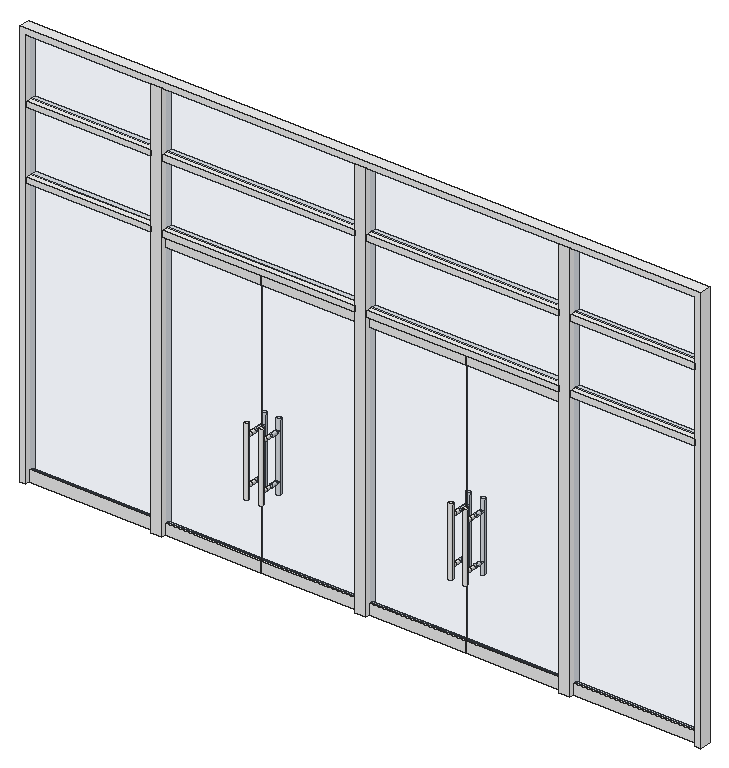
Revit family
Parameters
  프레임 투영 외부. = 25 mm
  프레임 투영 내부. = 25 mm
  프레임 폭 = 75 mm
  Height = 3600 mm
  Wall Closure = (empty or 0)
  Width = 6000 mm
  문 폭 = 1800 mm
  문 두께 = 100 mm
  문 패널 = SSD8 문 패널
  문 높이 = 2400 mm
  문 핸들 = 금속 - 크롬(2)
  문 프레임 = SSD8 문 프레임
Reference planes
  plane 1: y = 0
  plane 2 "왼쪽": x = -4300
  plane 3 "오른쪽": x = 1700
  plane 4: z = 3600
  plane 5 "외부": y = 75
  plane 6 "내부": y = -75
  plane 7: x = -4250
  plane 8: x = 1650
  plane 9: y = 50
  plane 10: y = -50
  plane 11: z = 3550
  plane 12: z = 2375
  plane 13: z = 2425
  plane 14: z = 2275
  plane 15: z = 100
  plane 16: y = 6
  plane 17: y = -6
  plane 18: y = 16
  plane 19: y = -16
  plane 20: x = -1300
  plane 21: z = 600
  plane 22: z = 1200
  plane 23: z = 2400
  plane 24: z = 3000
  plane 25: z = 2975
  plane 26: z = 3025
  plane 27: x = -3100
  plane 28: x = 500
  plane 29: x = -3150
  plane 30: x = -3050
  plane 31: x = -1350
  plane 32: x = -1250
  plane 33: x = 550
  plane 34: x = 450
  plane 35: x = -2200
  plane 36: x = -400
  plane 37: x = -2265
  plane 38: x = -2135
  plane 39: x = -465
  plane 40: x = -335
Forms (mm)
  Sweep 1, solid, material "SSD8 문 프레임" <- "문 프레임"
    path origin (0, 75, 0) x (1, 0, 0) y (0, 0, 1)
      loop
        line (1700, 0) -> (1700, 3600) -> (-4300, 3600) -> (-4300, 0)
    profile origin (1700, 75, 1800) x (-1, 0, 0) y (0, -1, 0)
      loop
        line (50, 25) -> (50, 125) -> (0, 125) -> (0, 25) -> (50, 25)
  Extrusion 2, solid, material "SSD8 문 프레임" <- "문 프레임"
    sketch origin (-25, 0, 0) x (1, 0, 0) y (0, 1, 0)
      loop
        line (-3125, 50) -> (-3125, -50) -> (-3025, -50) -> (-3025, 50) -> (-3125, 50)
      loop
        line (475, 50) -> (475, -50) -> (575, -50) -> (575, 50) -> (475, 50)
      loop
        line (-1325, 50) -> (-1325, -50) -> (-1225, -50) -> (-1225, 50) -> (-1325, 50)
    from 0 to 3550
  Extrusion 3, solid, material "SSD8 문 패널" <- "문 패널"
    sketch origin (0, 0, 0) x (1, 0, 0) y (0, 1, 0)
      loop
        line (-4250, 6) -> (-4250, -6) -> (-3150, -6) -> (-3150, 6) -> (-4250, 6)
      loop
        line (550, 6) -> (550, -6) -> (1650, -6) -> (1650, 6) -> (550, 6)
    from 0 to 2375
  Extrusion 4, solid, material "SSD8 문 패널" <- "문 패널"
    sketch origin (900, 0, 0) x (1, 0, 0) y (0, 1, 0)
      loop
        line (-3100, 6) -> (-3100, -6) -> (-2200, -6) -> (-2200, 6) -> (-3100, 6)
    from 0 to 2375
  Extrusion 5, solid, material "SSD8 문 패널" <- "문 패널"
    sketch origin (900, 0, 0) x (1, 0, 0) y (0, 1, 0)
      loop
        line (-2200, 6) -> (-2200, -6) -> (-1300, -6) -> (-1300, 6) -> (-2200, 6)
    from 0 to 2375
  Extrusion 6, solid, material "SSD8 문 프레임" <- "문 프레임"
    sketch origin (0, 0, 0) x (1, 0, 0) y (0, 1, 0)
      loop
        line (-4250, 6) -> (-3150, 6) -> (-3150, 16) -> (-4250, 16) -> (-4250, 6)
      loop
        line (-4250, -16) -> (-3150, -16) -> (-3150, -6) -> (-4250, -6) -> (-4250, -16)
      loop
        line (550, 6) -> (1650, 6) -> (1650, 16) -> (550, 16) -> (550, 6)
      loop
        line (550, -16) -> (1650, -16) -> (1650, -6) -> (550, -6) -> (550, -16)
    from 0 to 100
  Extrusion 7, solid, material "SSD8 문 프레임" <- "문 프레임"
    sketch origin (900, 0, 0) x (1, 0, 0) y (0, 1, 0)
      loop
        line (-3100, -16) -> (-2200, -16) -> (-2200, -6) -> (-3100, -6) -> (-3100, -16)
      loop
        line (-3100, 6) -> (-2200, 6) -> (-2200, 16) -> (-3100, 16) -> (-3100, 6)
    from 0 to 100
  Extrusion 8, solid, material "SSD8 문 프레임" <- "문 프레임"
    sketch origin (900, 0, 0) x (1, 0, 0) y (0, 1, 0)
      loop
        line (-2200, -16) -> (-1300, -16) -> (-1300, -6) -> (-2200, -6) -> (-2200, -16)
      loop
        line (-2200, 6) -> (-1300, 6) -> (-1300, 16) -> (-2200, 16) -> (-2200, 6)
    from 0 to 100
  Extrusion 9, solid, material "SSD8 문 프레임" <- "문 프레임"
    sketch origin (-2581.693, 300, 2275) x (0, 1, 0) y (1, 0, 0)
      loop
        line (-294, 381.693) -> (-284, 381.693) -> (-284, 1281.693) -> (-294, 1281.693) -> (-294, 381.693)
      loop
        line (-316, 381.693) -> (-306, 381.693) -> (-306, 1281.693) -> (-316, 1281.693) -> (-316, 381.693)
    from 0 to -100
  Extrusion 10, solid, material "SSD8 문 프레임" <- "문 프레임"
    sketch origin (-2581.693, 300, 2275) x (0, 1, 0) y (1, 0, 0)
      loop
        line (-294, 1331.693) -> (-284, 1331.693) -> (-284, 2181.693) -> (-294, 2181.693) -> (-294, 1331.693)
      loop
        line (-316, 1331.693) -> (-306, 1331.693) -> (-306, 2181.693) -> (-316, 2181.693) -> (-316, 1331.693)
    from 0 to -100
  Extrusion 11, solid, material "SSD8 문 패널" <- "문 패널"
    sketch origin (-2581.693, 300, 2375) x (0, 1, 0) y (1, 0, 0)
      loop
        line (-294, -1668.307) -> (-294, -568.307) -> (-306, -568.307) -> (-306, -1668.307) -> (-294, -1668.307)
      loop
        line (-306, 4281.693) -> (-306, 3131.693) -> (-294, 3131.693) -> (-294, 4281.693) -> (-306, 4281.693)
      loop
        line (-306, -468.307) -> (-294, -468.307) -> (-294, 1231.693) -> (-306, 1231.693) -> (-306, -468.307)
      loop
        line (-306, 1331.693) -> (-294, 1331.693) -> (-294, 3031.693) -> (-306, 3031.693) -> (-306, 1331.693)
    from -50 to -600
  Extrusion 12, solid, material "SSD8 문 패널" <- "문 패널"
    sketch origin (-2581.693, 300, 2375) x (0, 1, 0) y (1, 0, 0)
      loop
        line (-294, -1668.307) -> (-294, -568.307) -> (-306, -568.307) -> (-306, -1668.307) -> (-294, -1668.307)
      loop
        line (-306, 4231.693) -> (-306, 3131.693) -> (-294, 3131.693) -> (-294, 4231.693) -> (-306, 4231.693)
      loop
        line (-306, -468.307) -> (-294, -468.307) -> (-294, 1231.693) -> (-306, 1231.693) -> (-306, -468.307)
      loop
        line (-306, 1331.693) -> (-294, 1331.693) -> (-294, 3031.693) -> (-306, 3031.693) -> (-306, 1331.693)
    from -650 to -1175
  Extrusion 13, solid, material "SSD8 문 프레임" <- "문 프레임"
    sketch origin (-2581.693, 300, 2375) x (0, 1, 0) y (1, 0, 0)
      loop
        line (-250, -1668.307) -> (-250, -568.307) -> (-350, -568.307) -> (-350, -1668.307) -> (-250, -1668.307)
      loop
        line (-350, 4231.693) -> (-350, 3131.693) -> (-250, 3131.693) -> (-250, 4231.693) -> (-350, 4231.693)
      loop
        line (-250, -468.307) -> (-250, 1231.693) -> (-350, 1231.693) -> (-350, -468.307) -> (-250, -468.307)
      loop
        line (-350, 1331.693) -> (-250, 1331.693) -> (-250, 3031.693) -> (-350, 3031.693) -> (-350, 1331.693)
    from 0 to -50
  Extrusion 14, solid, material "SSD8 문 프레임" <- "문 프레임"
    sketch origin (-2581.693, 300, 3000) x (0, 1, 0) y (1, 0, 0)
      loop
        line (-250, -1668.307) -> (-250, -568.307) -> (-350, -568.307) -> (-350, -1668.307) -> (-250, -1668.307)
      loop
        line (-350, 4231.693) -> (-350, 3131.693) -> (-250, 3131.693) -> (-250, 4231.693) -> (-350, 4231.693)
      loop
        line (-250, -468.307) -> (-250, 1231.693) -> (-350, 1231.693) -> (-350, -468.307) -> (-250, -468.307)
      loop
        line (-350, 1331.693) -> (-250, 1331.693) -> (-250, 3031.693) -> (-350, 3031.693) -> (-350, 1331.693)
    from -25 to 25
  Extrusion 15, solid, material "SSD8 문 프레임" <- "문 프레임"
    sketch origin (-2581.693, 300, 3000) x (0, 1, 0) y (1, 0, 0)
      loop
        line (-294, -468.307) -> (-284, -468.307) -> (-284, 381.693) -> (-294, 381.693) -> (-294, -468.307)
      loop
        line (-316, -468.307) -> (-306, -468.307) -> (-306, 381.693) -> (-316, 381.693) -> (-316, -468.307)
    from 2900 to 3000
  Extrusion 16, solid, material "SSD8 문 패널" <- "문 패널"
    sketch origin (-2581.693, 300, 3000) x (0, 1, 0) y (1, 0, 0)
      loop
        line (-306, -468.307) -> (-294, -468.307) -> (-294, 381.693) -> (-306, 381.693) -> (-306, -468.307)
    from 625 to 3000
  Extrusion 17, solid, material "SSD8 문 프레임" <- "문 프레임"
    sketch origin (-2581.693, 300, 3000) x (0, 1, 0) y (1, 0, 0)
      loop
        line (-294, 2181.693) -> (-284, 2181.693) -> (-284, 3031.693) -> (-294, 3031.693) -> (-294, 2181.693)
      loop
        line (-316, 2181.693) -> (-306, 2181.693) -> (-306, 3031.693) -> (-316, 3031.693) -> (-316, 2181.693)
    from 2900 to 3000
  Extrusion 18, solid, material "SSD8 문 패널" <- "문 패널"
    sketch origin (-2581.693, 300, 3000) x (0, 1, 0) y (1, 0, 0)
      loop
        line (-306, 2181.693) -> (-294, 2181.693) -> (-294, 3031.693) -> (-306, 3031.693) -> (-306, 2181.693)
    from 625 to 3000
  Extrusion 19, solid, material "SSD8 문 프레임" <- "문 프레임"
    sketch origin (-2581.693, 300, 3000) x (0, 1, 0) y (1, 0, 0)
      loop
        line (-284, -468.307) -> (-284, 381.693) -> (-294, 381.693) -> (-294, -468.307) -> (-284, -468.307)
      loop
        line (-316, -468.307) -> (-306, -468.307) -> (-306, 381.693) -> (-316, 381.693) -> (-316, -468.307)
    from 625 to 725
  Extrusion 20, solid, material "SSD8 문 프레임" <- "문 프레임"
    sketch origin (-2581.693, 300, 3000) x (0, 1, 0) y (1, 0, 0)
      loop
        line (-284, 2181.693) -> (-284, 3031.693) -> (-294, 3031.693) -> (-294, 2181.693) -> (-284, 2181.693)
      loop
        line (-316, 2181.693) -> (-306, 2181.693) -> (-306, 3031.693) -> (-316, 3031.693) -> (-316, 2181.693)
    from 625 to 725
Lines and regions (mm)
  Opening 1
    outline origin (-3050, -75, 0) x (1, 0, 0) y (0, 0, 1)
      loop
        line (-1250, 0) -> (4750, 0) -> (4750, 3600) -> (-1250, 3600) -> (-1250, 0)
  symbolic lines, style "평면 스윙"
    curve 1: line (-3050, 0, 3000) -> (-3050, 850, 3000)
    curve 2: line (-3050, 850, 3000) -> (-3018, 850, 3000)
    curve 3: line (-3018, 850, 3000) -> (-3018, 0, 3000)
    curve 4: line (-3050, 0, 3000) -> (-3050, -850, 3000)
    curve 5: line (-3050, -850, 3000) -> (-3018, -850, 3000)
    curve 6: line (-3018, -850, 3000) -> (-3018, 0, 3000)
    curve 7: line (-1350, 0, 3000) -> (-1350, 850, 3000)
    curve 8: line (-1350, 850, 3000) -> (-1382, 850, 3000)
    curve 9: line (-1382, 850, 3000) -> (-1382, 0, 3000)
    curve 10: line (-1350, 0, 3000) -> (-1350, -850, 3000)
    curve 11: line (-1350, -850, 3000) -> (-1382, -850, 3000)
    curve 12: line (-1382, -850, 3000) -> (-1382, 0, 3000)
    curve 13: line (-1250, 0, 3000) -> (-1250, 850, 3000)
    curve 14: line (-1250, 850, 3000) -> (-1218, 850, 3000)
    curve 15: line (-1218, 850, 3000) -> (-1218, 0, 3000)
    curve 16: line (-1250, 0, 3000) -> (-1250, -850, 3000)
    curve 17: line (-1250, -850, 3000) -> (-1218, -850, 3000)
    curve 18: line (-1218, -850, 3000) -> (-1218, 0, 3000)
    curve 19: line (450, 0, 3000) -> (450, 850, 3000)
    curve 20: line (450, 850, 3000) -> (418, 850, 3000)
    curve 21: line (418, 850, 3000) -> (418, 0, 3000)
    curve 22: line (450, 0, 3000) -> (450, -850, 3000)
    curve 23: line (450, -850, 3000) -> (418, -850, 3000)
    curve 24: line (418, -850, 3000) -> (418, 0, 3000)
    curve 25: arc (-3018, 850, 3000) -> (-2437.541, 590.004, 3000) -> (-2200, 0, 3000) r 850
    curve 26: arc (-3018, -850, 3000) -> (-2437.541, -590.004, 3000) -> (-2200, 0, 3000) r 850
    curve 27: arc (-1382, -850, 3000) -> (-1962.459, -590.004, 3000) -> (-2200, 0, 3000) r 850
    curve 28: arc (-1382, 850, 3000) -> (-1962.459, 590.004, 3000) -> (-2200, 0, 3000) r 850
    curve 29: arc (-1218, -850, 3000) -> (-637.541, -590.004, 3000) -> (-400, 0, 3000) r 850
    curve 30: arc (-1218, 850, 3000) -> (-637.541, 590.004, 3000) -> (-400, 0, 3000) r 850
    curve 31: arc (418, -850, 3000) -> (-162.459, -590.004, 3000) -> (-400, 0, 3000) r 850
    curve 32: arc (418, 850, 3000) -> (-162.459, 590.004, 3000) -> (-400, 0, 3000) r 850
    curve 41: line (-3050, 50, 3000) -> (-4300, 50, 3000)
    curve 42: line (-4300, 50, 3000) -> (-4300, -50, 3000)
    curve 43: line (-4300, -50, 3000) -> (-3050, -50, 3000)
    curve 44: line (-3050, 0, 3000) -> (-4300, 0, 3000)
    curve 45: line (450, 50, 3000) -> (1700, 50, 3000)
    curve 46: line (1700, 50, 3000) -> (1700, -50, 3000)
    curve 47: line (1700, -50, 3000) -> (450, -50, 3000)
    curve 48: line (1700, 0, 3000) -> (450, 0, 3000)
    curve 49: line (-1350, 50, 3000) -> (-1250, 50, 3000)
    curve 50: line (-1350, -50, 3000) -> (-1250, -50, 3000)
  symbolic lines, style "입면도 스윙"
    curve 33: line (-400, -6, 2375) -> (450, -6, 1200)
    curve 34: line (450, -6, 1200) -> (-400, -6, 0)
    curve 35: line (-400, -6, 0) -> (-1250, -6, 1200)
    curve 36: line (-1250, -6, 1200) -> (-400, -6, 2375)
    curve 37: line (-2200, -6, 2375) -> (-1350, -6, 1200)
    curve 38: line (-1350, -6, 1200) -> (-2200, -6, 0)
    curve 39: line (-2200, -6, 0) -> (-3050, -6, 1200)
    curve 40: line (-3050, -6, 1200) -> (-2200, -6, 2375)
Text (mm)
  text "외부" at (-2295.016, 1099.543, 0), in view "참조 레벨"
  text "외부" at (0, 1615.38, 3698.081), in view "왼쪽"
  text "외부" at (0, 1036.032, 3874.932), in view "오른쪽"
Dimensions and locks
  plane 2 "왼쪽" to plane 3 "오른쪽" = 6000 mm
  "Width": plane 2 "왼쪽" to plane 3 "오른쪽"
  "Height": plane 4 to host wall
  "문 높이": host wall to plane 23
  host wall to plane 4 = 3600 mm
  locked: plane 5 "외부" to host wall at 0
  locked: plane 6 "내부" to host wall
  locked: plane 2 "왼쪽" to plane 7 at 50
  locked: plane 8 to plane 3 "오른쪽" at 50
  "문 두께": plane 9 to plane 10
  locked: plane 11 to plane 4 at 50
  locked: plane 12 to plane 13 at 50
  locked: plane 14 to plane 12 at 100
  locked: level to plane 15 at 100
  plane 16 to host wall to plane 17 = 6 mm locked, 6 mm locked
  locked: plane 17 to plane 19 at 10
  locked: plane 18 to plane 16 at 10
  locked: Extrusion 6 to plane 21 at 600
  locked: level to plane 22 at 1200
  equal spacing: plane 2 "왼쪽", plane 20, plane 3 "오른쪽"
  locked: plane 12 to plane 23 at 25
  equal spacing: plane 23, plane 24, plane 4
  plane 25 to plane 24 to plane 26 = 25 mm locked, 25 mm locked
  plane 2 "왼쪽" to plane 27 = 1200 mm
  "문 폭": plane 27 to plane 20
  "문 폭": plane 20 to plane 28
  plane 28 to plane 3 "오른쪽" = 1200 mm
  equal spacing: plane 27, plane 35, plane 20
  equal spacing: plane 20, plane 36, plane 28
  plane 37 to plane 35 to plane 38 = 65 mm locked, 65 mm locked
  plane 39 to plane 36 to plane 40 = 65 mm locked, 65 mm locked
  plane 29 to plane 27 to plane 30 = 50 mm locked, 50 mm locked
  plane 31 to plane 20 to plane 32 = 50 mm locked, 50 mm locked
  plane 34 to plane 28 to plane 33 = 50 mm locked, 50 mm locked
  curve 4 to curve 6 = 32 mm
  curve 12 to curve 10 = 32 mm
  curve 16 to curve 18 = 32 mm
  curve 24 to curve 22 = 32 mm
  equal spacing: plane 9, plane 1, plane 10
  aligned and locked: plane 2 "왼쪽" to Opening 1 sketch curve
  aligned and locked: plane 4 to Opening 1 sketch curve
  aligned and locked: Opening 1 sketch curve to plane 4
  aligned and locked: Opening 1 sketch curve to plane 3 "오른쪽"
  aligned and locked: Opening 1 sketch curve to level
  aligned and locked: host wall to plane 1
  aligned and locked: Sweep 1 sketch curve to plane 2 "왼쪽"
  aligned and locked: plane 4 to Sweep 1 sketch curve
  aligned and locked: plane 3 "오른쪽" to Sweep 1 sketch curve
  aligned and locked: plane 8 to Sweep 1 sketch curve
  aligned and locked: host wall to Sweep 1 sketch curve
  aligned and locked: Sweep 1 sketch curve to plane 9
  aligned and locked: plane 10 to Sweep 1 sketch curve
  aligned and locked: Extrusion 2 sketch curve to plane 9  (x3)
  aligned and locked: plane 10 to Extrusion 2 sketch curve  (x3)
  aligned and locked: plane 11 to Sweep 1
  aligned and locked: plane 7 to Extrusion 3 sketch curve
  aligned and locked: Extrusion 3 sketch curve to plane 16  (x2)
  aligned and locked: plane 17 to Extrusion 3 sketch curve  (x2)
  aligned and locked: plane 8 to Extrusion 3 sketch curve
  aligned and locked: Extrusion 4 sketch curve to plane 16
  aligned and locked: plane 17 to Extrusion 4 sketch curve
  aligned and locked: plane 20 to Extrusion 4 sketch curve
  aligned and locked: Extrusion 4 to Extrusion 5 sketch curve
  aligned and locked: Extrusion 5 sketch curve to Extrusion 4
  aligned and locked: plane 17 to Extrusion 5 sketch curve
  aligned and locked: Extrusion 6 sketch curve to Extrusion 3  (x4)
  aligned and locked: plane 18 to Extrusion 6 sketch curve  (x2)
  aligned and locked: plane 7 to Extrusion 6 sketch curve
  aligned and locked: Extrusion 6 sketch curve to plane 19
  aligned and locked: Extrusion 3 to Extrusion 6 sketch curve  (x2)
  aligned and locked: Extrusion 6 sketch curve to plane 8
  aligned and locked: Extrusion 3 to plane 12
  aligned and locked: Extrusion 6 to plane 15
  aligned and locked: Extrusion 5 to plane 12
  aligned and locked: Extrusion 4 to plane 12
  aligned and locked: Extrusion 7 sketch curve to plane 19
  aligned and locked: Extrusion 4 to Extrusion 7 sketch curve
  aligned and locked: Extrusion 7 sketch curve to Extrusion 4  (x2)
  aligned and locked: plane 18 to Extrusion 7 sketch curve
  aligned and locked: Extrusion 7 sketch curve to plane 20
  aligned and locked: Extrusion 8 sketch curve to Extrusion 7
  aligned and locked: Extrusion 7 to Extrusion 8 sketch curve
  aligned and locked: Extrusion 5 to Extrusion 8 sketch curve
  aligned and locked: Extrusion 4 to Extrusion 8 sketch curve
  aligned and locked: Extrusion 8 sketch curve to Extrusion 5
  aligned and locked: plane 18 to Extrusion 8 sketch curve
  aligned and locked: plane 15 to Extrusion 8
  aligned and locked: plane 15 to Extrusion 7
  aligned and locked: Extrusion 9 sketch curve to Extrusion 4  (x2)
  aligned and locked: Extrusion 9 sketch curve to Extrusion 7  (x3)
  aligned and locked: Extrusion 7 to Extrusion 9 sketch curve
  aligned and locked: Extrusion 5 to Extrusion 9 sketch curve
  aligned and locked: Extrusion 4 to Extrusion 10 sketch curve
  aligned and locked: Extrusion 10 sketch curve to Extrusion 8
  aligned and locked: Extrusion 7 to Extrusion 10 sketch curve
  aligned and locked: Extrusion 5 to Extrusion 10 sketch curve
  aligned and locked: Extrusion 10 to plane 12
  aligned and locked: Extrusion 9 to plane 12
  aligned and locked: Extrusion 3 to Extrusion 11 sketch curve
  aligned and locked: Extrusion 11 sketch curve to Extrusion 3  (x4)
  aligned and locked: Extrusion 12 sketch curve to Extrusion 4
  aligned and locked: Extrusion 12 sketch curve to Extrusion 3  (x3)
  aligned and locked: plane 13 to Extrusion 11
  aligned and locked: Extrusion 12 to Sweep 1
  aligned and locked: Extrusion 13 to plane 13
  aligned and locked: plane 26 to Extrusion 12
  aligned and locked: plane 3 "오른쪽" to Extrusion 11 sketch curve
  aligned and locked: plane 8 to Extrusion 12 sketch curve
  aligned and locked: Extrusion 14 sketch curve to Sweep 1  (x2)
  aligned and locked: Extrusion 14 sketch curve to plane 9
  aligned and locked: plane 10 to Extrusion 14 sketch curve
  aligned and locked: Extrusion 14 to Extrusion 12
  aligned and locked: Extrusion 14 to Extrusion 11
  aligned and locked: Extrusion 13 sketch curve to Sweep 1
  aligned and locked: plane 8 to Extrusion 13 sketch curve
  aligned and locked: Extrusion 2 sketch curve to plane 29
  aligned and locked: plane 30 to Extrusion 2 sketch curve
  aligned and locked: plane 33 to Extrusion 2 sketch curve
  aligned and locked: Extrusion 2 sketch curve to plane 34
  aligned and locked: plane 31 to Extrusion 2 sketch curve
  aligned and locked: plane 32 to Extrusion 2 sketch curve
  aligned and locked: plane 29 to Extrusion 3 sketch curve
  aligned and locked: Extrusion 3 sketch curve to plane 33
  aligned and locked: plane 33 to Extrusion 6 sketch curve
  aligned and locked: Extrusion 6 sketch curve to Extrusion 6 sketch curve
  aligned and locked: Extrusion 13 sketch curve to Extrusion 2  (x6)
  aligned and locked: Extrusion 13 sketch curve to Extrusion 13 sketch curve
  aligned and locked: Extrusion 2 to Sweep 1
  aligned and locked: Extrusion 14 sketch curve to Extrusion 2  (x6)
  aligned and locked: Extrusion 14 sketch curve to Extrusion 14 sketch curve  (x2)
  aligned and locked: plane 30 to Extrusion 11 sketch curve
  aligned and locked: plane 31 to Extrusion 11 sketch curve
  aligned and locked: Extrusion 11 sketch curve to Extrusion 2
  aligned and locked: Extrusion 11 sketch curve to Extrusion 11 sketch curve
  aligned and locked: Extrusion 12 sketch curve to plane 7
  aligned and locked: plane 30 to Extrusion 12 sketch curve
  aligned and locked: plane 31 to Extrusion 12 sketch curve
  aligned and locked: plane 32 to Extrusion 12 sketch curve
  aligned and locked: Extrusion 12 sketch curve to Extrusion 12 sketch curve
  aligned and locked: Extrusion 4 sketch curve to plane 35
  aligned and locked: Extrusion 8 sketch curve to plane 36
  aligned and locked: Extrusion 8 sketch curve to Extrusion 8 sketch curve
  aligned and locked: plane 17 to Extrusion 11 sketch curve
  aligned and locked: plane 34 to Extrusion 11 sketch curve
  aligned and locked: plane 17 to Extrusion 12 sketch curve
  aligned and locked: Extrusion 10 sketch curve to plane 36  (x2)
  aligned and locked: plane 32 to Extrusion 10 sketch curve  (x2)
  aligned and locked: plane 30 to Extrusion 15 sketch curve  (x2)
  aligned and locked: plane 16 to Extrusion 15 sketch curve
  aligned and locked: Extrusion 7 to Extrusion 15 sketch curve
  aligned and locked: Extrusion 15 sketch curve to Extrusion 7
  aligned and locked: plane 19 to Extrusion 15 sketch curve
  aligned and locked: Extrusion 4 to Extrusion 15 sketch curve
  aligned and locked: Extrusion 15 sketch curve to Extrusion 4
  aligned and locked: plane 17 to Extrusion 16 sketch curve
  aligned and locked: plane 16 to Extrusion 16 sketch curve
  aligned and locked: Extrusion 16 sketch curve to Extrusion 2
  aligned and locked: Extrusion 16 sketch curve to plane 35
  aligned and locked: Extrusion 15 to level
  aligned and locked: plane 15 to Extrusion 15
  aligned and locked: Extrusion 16 to level
  aligned and locked: Extrusion 16 to plane 12
  aligned and locked: Extrusion 17 sketch curve to Extrusion 5
  aligned and locked: Extrusion 5 to Extrusion 17 sketch curve
  aligned and locked: plane 18 to Extrusion 17 sketch curve
  aligned and locked: plane 34 to Extrusion 17 sketch curve  (x2)
  aligned and locked: Extrusion 17 sketch curve to Extrusion 8
  aligned and locked: Extrusion 8 to Extrusion 17 sketch curve
  aligned and locked: plane 17 to Extrusion 17 sketch curve
  aligned and locked: Extrusion 5 to Extrusion 18 sketch curve
  aligned and locked: Extrusion 18 sketch curve to Extrusion 5
  aligned and locked: plane 16 to Extrusion 18 sketch curve
  aligned and locked: plane 34 to Extrusion 18 sketch curve
  aligned and locked: Extrusion 17 to level
  aligned and locked: plane 15 to Extrusion 17
  aligned and locked: Extrusion 18 to level
  aligned and locked: Extrusion 18 to plane 12
  aligned and locked: Extrusion 19 sketch curve to Extrusion 15  (x3)
  aligned and locked: Extrusion 19 sketch curve to Extrusion 16
  aligned and locked: Extrusion 15 to Extrusion 19 sketch curve
  aligned and locked: Extrusion 4 to Extrusion 19 sketch curve
  aligned and locked: Extrusion 19 sketch curve to Extrusion 4
  aligned and locked: Extrusion 8 to Extrusion 20 sketch curve  (x3)
  aligned and locked: Extrusion 17 to Extrusion 20 sketch curve
  aligned and locked: Extrusion 20 sketch curve to Extrusion 18  (x2)
  aligned and locked: Extrusion 20 sketch curve to Extrusion 8
  aligned and locked: Extrusion 20 sketch curve to Extrusion 17
  aligned and locked: plane 14 to Extrusion 20
  aligned and locked: Extrusion 20 to plane 12
  aligned and locked: plane 14 to Extrusion 19
  aligned and locked: Extrusion 19 to plane 12
  aligned and locked: plane 21 to nested 8
  aligned and locked: plane 21 to nested 7
  aligned and locked: plane 21 to nested 6
  aligned and locked: plane 21 to nested 5
  aligned and locked: nested 1 to plane 21
  aligned and locked: nested 2 to plane 21
  aligned and locked: nested 4 to plane 21
  aligned and locked: nested 3 to plane 21
  aligned and locked: plane 37 to nested 5
  aligned and locked: nested 1 to plane 37
  aligned and locked: plane 38 to nested 6
  aligned and locked: nested 2 to plane 38
  aligned and locked: plane 39 to nested 7
  aligned and locked: nested 3 to plane 39
  aligned and locked: plane 40 to nested 8
  aligned and locked: nested 4 to plane 40
  aligned and locked: plane 22 to curve 39
  aligned and locked: plane 30 to curve 40
  aligned and locked: Extrusion 2 to plane 30
  aligned and locked: plane 35 to curve 40
  aligned and locked: plane 35 to curve 38
  aligned and locked: curve 38 to Extrusion 2
  aligned and locked: plane 22 to curve 37
  aligned and locked: plane 22 to curve 36
  aligned and locked: plane 32 to curve 36
  aligned and locked: plane 22 to curve 33
  aligned and locked: plane 34 to curve 34
  aligned and locked: plane 36 to curve 36
  aligned and locked: plane 36 to curve 35
  aligned and locked: plane 36 to Extrusion 17
  aligned and locked: plane 9 to curve 41
  aligned and locked: plane 2 "왼쪽" to Sweep 1
  aligned and locked: curve 43 to plane 10
  aligned and locked: curve 44 to host wall
  aligned and locked: plane 30 to curve 44
  aligned and locked: plane 2 "왼쪽" to curve 44
  aligned and locked: curve 45 to plane 9
  aligned and locked: Sweep 1 to plane 3 "오른쪽"
  aligned and locked: plane 10 to curve 47
  aligned and locked: curve 48 to host wall
  aligned and locked: plane 34 to curve 48
  aligned and locked: plane 3 "오른쪽" to curve 48
  aligned and locked: curve 7 to curve 49
  aligned and locked: curve 49 to Extrusion 2
  aligned and locked: curve 13 to curve 49
  aligned and locked: curve 10 to curve 50
  aligned and locked: curve 50 to Extrusion 2
  aligned and locked: plane 25 to Extrusion 14
Automatic sketch dimensions
  Sweep 1 sketch curve to level = 0 mm  (x2)
  Extrusion 7 sketch curve to Extrusion 7 sketch curve = 0 mm
  Extrusion 6 sketch curve to plane 29 = 0 mm  (x2)
  Extrusion 6 sketch curve to plane 19 = 0 mm
  Extrusion 6 sketch curve to plane 18 = 0 mm
  Extrusion 13 sketch curve to plane 10 = 0 mm  (x3)
  Extrusion 13 sketch curve to plane 9 = 0 mm  (x4)
  Extrusion 14 sketch curve to plane 10 = 0 mm  (x2)
  Extrusion 14 sketch curve to plane 9 = 0 mm  (x2)
  Extrusion 7 sketch curve to plane 35 = 0 mm
  Extrusion 9 sketch curve to plane 35 = 0 mm
  Extrusion 5 sketch curve to plane 36 = 0 mm
  Extrusion 11 sketch curve to plane 17 = 0 mm  (x2)
  Extrusion 11 sketch curve to plane 16 = 0 mm  (x3)
  Extrusion 12 sketch curve to plane 17 = 0 mm  (x2)
  Extrusion 12 sketch curve to plane 16 = 0 mm  (x3)
  Extrusion 12 sketch curve to plane 34 = 0 mm
  Extrusion 16 sketch curve to plane 16 = 0 mm
  Extrusion 19 sketch curve to plane 16 = 0 mm
  curve 36 to Extrusion 11 = 50 mm
  curve 37 to Extrusion 11 = 50 mm
  curve 40 to curve 38 = 1200 mm
  curve 35 to curve 35 = 1200 mm
  curve 17 to plane 32 = 0 mm
  curve 13 to host wall = 0 mm
  curve 18 to host wall = 0 mm
  curve 3 to host wall = 0 mm
  curve 12 to host wall = 0 mm
  curve 10 to host wall = 0 mm
  curve 32 to host wall = 0 mm
  curve 24 to host wall = 0 mm
  curve 25 to host wall = 0 mm
  curve 31 to plane 36 = 0 mm
  curve 50 to plane 32 = 0 mm
  curve 50 to plane 31 = 0 mm
  curve 27 to plane 35 = 0 mm
  host wall to curve 16 = 775 mm
  host wall to curve 23 = 775 mm
  curve 10 to curve 16 = 0 mm
  host wall to curve 26 = 775 mm
  curve 29 to plane 32 = 0 mm
  curve 26 to plane 30 = 0 mm
  plane 31 to curve 27 = 0 mm
  plane 34 to curve 32 = 0 mm
  curve 25 to plane 30 = 0 mm
  curve 25 to host wall = 0.603 mm
  plane 31 to curve 28 = 0 mm
  curve 28 to host wall = 0.603 mm
  curve 30 to plane 32 = 0 mm
Nested families
  nested 1: "KO_문 손잡이 유형3" at (-2265, -16, 100), type "핸들 유형3 01 길이600"
  nested 2: "KO_문 손잡이 유형3" at (-2135, -16, 100), type "핸들 유형3 01 길이600"
  nested 3: "KO_문 손잡이 유형3" at (-465, -16, 100), type "핸들 유형3 01 길이600"
  nested 4: "KO_문 손잡이 유형3" at (-335, -16, 100), type "핸들 유형3 01 길이600"
  nested 5: "KO_문 손잡이 유형3" at (-2265, 16, 100), type "핸들 유형3 01 길이600"
  nested 6: "KO_문 손잡이 유형3" at (-2135, 16, 100), type "핸들 유형3 01 길이600"
  nested 7: "KO_문 손잡이 유형3" at (-465, 16, 100), type "핸들 유형3 01 길이600"
  nested 8: "KO_문 손잡이 유형3" at (-335, 16, 100), type "핸들 유형3 01 길이600"
Definition of nested family "KO_문 손잡이 유형3"
  Parameters (values of type "핸들 유형3 01 길이600")
    링크 점 = 100 mm
    링크 재료 = 금속 - 크롬(2)
    핸들 재료 = 금속 - 크롬(2)
    핸들 깊이 = 80 mm
    링크 두께 = 10 mm
    핸들 반지름 = 17.5 mm
    기둥 점 = 500 mm
    핸들 길이 = 600 mm
    Assembly Code = ""
  Types (3, lengths in mm): name | 핸들 반지름 | 핸들 길이
    핸들 유형3 01 길이600 | 17.5 | 600
    핸들 유형3 02 길이650 | 15 | 650
    핸들 유형3 03 길이700 | 15 | 700
  Reference planes
    plane 1 "중심(앞/뒤)": y = 0
    plane 2: z = 0
    plane 3 "중심(왼쪽/오른쪽)": x = 0
    plane 4 "하드웨어": z = 500
    plane 5: z = 1100
  Forms (mm)
    Sweep 1, solid, material "금속 - 크롬(2)" <- "핸들 재료"
      path origin (0, 0, 0) x (0, 1, 0) y (0, 0, 1)
        loop
          line (-80, 1100) -> (-80, 500)
      profile origin (0, 0, 800) x (1, 0, 0) y (0, 1, 0)
        loop
          circle (0, -80) r 17.5
    Revolve 2, solid, material "금속 - 크롬(2)" <- "링크 재료"
      sketch origin (0, 0, 0) x (0, 1, 0) y (0, 0, 1)
        loop
          line (-80, 1000) -> (0, 1000) -> (0, 1015) -> (-40, 1015) -> (-80, 1007.081) -> (-80, 1000)
        axis (-80, 1000) -> (0, 1000)
      angle from 0 to 360
    Revolve 3, solid, material "금속 - 크롬(2)" <- "링크 재료"
      sketch origin (0, 0, 0) x (0, 1, 0) y (0, 0, 1)
        loop
          line (0, 600) -> (0, 615) -> (-40, 615) -> (-80, 607.081) -> (-80, 600) -> (0, 600)
        axis (-80, 600) -> (0, 600)
      angle from 0 to 360
  Dimensions and locks
    "기둥 점": plane 4 "하드웨어" to plane 2
    "핸들 길이": plane 5 to plane 4 "하드웨어"
    "핸들 깊이": Sweep 1 sketch curve to plane 1 "중심(앞/뒤)"
    locked: Revolve 2 sketch curve to Revolve 2 sketch curve at 15
    locked: Revolve 2 sketch curve to Revolve 2 sketch curve at 7.081
    "링크 점": Revolve 2 sketch curve to Sweep 1
    locked: Revolve 3 sketch curve to Revolve 3 sketch curve at 7.081
    locked: Revolve 3 sketch curve to Revolve 3 sketch curve at 15
    "링크 점": plane 4 "하드웨어" to Revolve 3 sketch curve
    equal spacing: Revolve 2 sketch curve, Revolve 2 sketch curve, Revolve 2 sketch curve
    equal spacing: Revolve 3 sketch curve, Revolve 3 sketch curve, Revolve 3 sketch curve
    "핸들 반지름": radius of Sweep 1 sketch curve
    aligned and locked: plane 4 "하드웨어" to Sweep 1 sketch curve
    aligned and locked: plane 5 to Sweep 1 sketch curve
    aligned and locked: Sweep 1 to Revolve 2 sketch curve  (x2)
    aligned and locked: Sweep 1 to Revolve 3 sketch curve
    aligned and locked: Revolve 3 sketch curve to plane 1 "중심(앞/뒤)"
  Automatic sketch dimensions
    Sweep 1 sketch curve to plane 3 "중심(왼쪽/오른쪽)" = 0 mm
    Sweep 1 sketch curve to profile plane = 0 mm
    Revolve 2 sketch curve to Revolve 2 sketch curve = 0 mm  (x2)
    Revolve 2 sketch curve to plane 1 "중심(앞/뒤)" = 70 mm
    Revolve 3 sketch curve to Revolve 3 sketch curve = 0 mm  (x2)
    Revolve 3 sketch curve to Revolve 3 sketch curve = 39.243 mm
    Revolve 2 sketch curve to plane 1 "중심(앞/뒤)" = 0 mm
